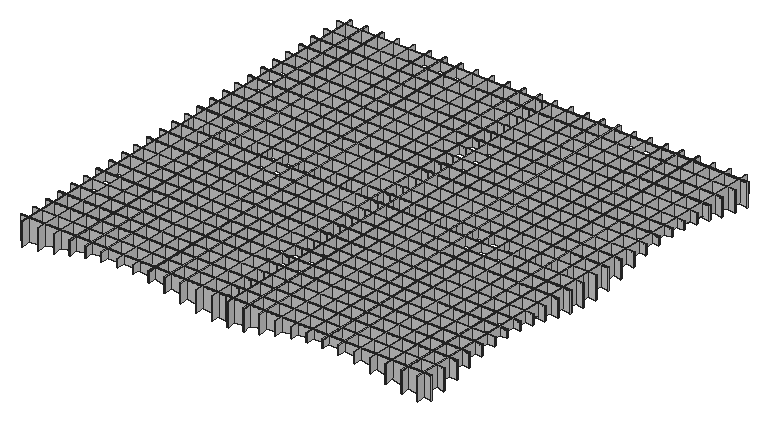
Revit family "CLD-WFL-002_RFA", category Modelos genéricos, Revit 2022 (continued)
Forms (in)
  Extrusion 105, solid
    sketch origin (20.40967, 108, 0) x (0, -1, 0) y (0, 0, 1)
      loop
        spline (3.90978, 3.20744) -> (4.64427, 3.31686) -> (5.37851, 3.42317) -> (6.11243, 3.52634) -> (6.84596, 3.62635) -> (7.57903, 3.72316) -> (8.31156, 3.81675) -> (9.04347, 3.90709) -> (9.77469, 3.99415) -> (10.50515, 4.07789) -> (11.23478, 4.1583) -> (11.96349, 4.23534) -> (12.69122, 4.30898)
        spline (12.69122, 4.30898) -> (13.34952, 4.37039) -> (14.00673, 4.4286) -> (14.66285, 4.48364) -> (15.31792, 4.53559) -> (15.97202, 4.58455) -> (16.62518, 4.63059) -> (17.27747, 4.67381) -> (17.92894, 4.71429) -> (18.57965, 4.75212) -> (19.22966, 4.78738) -> (19.87902, 4.82016) -> (20.52778, 4.85054)
        spline (20.52778, 4.85054) -> (21.26115, 4.88062) -> (21.99402, 4.90823) -> (22.72646, 4.93347) -> (23.45851, 4.95644) -> (24.19026, 4.97724) -> (24.92176, 4.99598) -> (25.65309, 5.01275) -> (26.38429, 5.02764) -> (27.11545, 5.04077) -> (27.84661, 5.05223) -> (28.57785, 5.06211) -> (29.30922, 5.07053)
        spline (29.30922, 5.07053) -> (29.95995, 5.07584) -> (30.61094, 5.08009) -> (31.26223, 5.08336) -> (31.91387, 5.08574) -> (32.56591, 5.08733) -> (33.21841, 5.0882) -> (33.87141, 5.08846) -> (34.52497, 5.08817) -> (35.17914, 5.08744) -> (35.83396, 5.08636) -> (36.48949, 5.085) -> (37.14578, 5.08346)
        spline (37.14578, 5.08346) -> (37.87194, 5.08165) -> (38.59907, 5.0799) -> (39.32723, 5.0783) -> (40.05647, 5.07696) -> (40.78684, 5.07594) -> (41.51831, 5.07527) -> (42.25083, 5.07491) -> (42.98434, 5.07483) -> (43.7188, 5.075) -> (44.45413, 5.07538) -> (45.19029, 5.07596) -> (45.92722, 5.0767)
        spline (45.92722, 5.0767) -> (46.57816, 5.07753) -> (47.22964, 5.07843) -> (47.88162, 5.07937) -> (48.53404, 5.08033) -> (49.18687, 5.08128) -> (49.84004, 5.0822) -> (50.49352, 5.08306) -> (51.14725, 5.08383) -> (51.80119, 5.0845) -> (52.45529, 5.08503) -> (53.1095, 5.0854) -> (53.76378, 5.08558)
        spline (53.76378, 5.08558) -> (54.49695, 5.08542) -> (55.23004, 5.08505) -> (55.96301, 5.0845) -> (56.6958, 5.0838) -> (57.42835, 5.08298) -> (58.16062, 5.08206) -> (58.89255, 5.08107) -> (59.62408, 5.08005) -> (60.35517, 5.07902) -> (61.08576, 5.07801) -> (61.81579, 5.07705) -> (62.54522, 5.07616)
        spline (62.54522, 5.07616) -> (63.20286, 5.07551) -> (63.85981, 5.075) -> (64.51602, 5.07466) -> (65.17144, 5.07452) -> (65.82603, 5.0746) -> (66.47973, 5.07493) -> (67.1325, 5.07554) -> (67.78428, 5.07645) -> (68.43505, 5.07766) -> (69.08486, 5.07909) -> (69.73376, 5.08066) -> (70.38178, 5.08229)
        spline (70.38178, 5.08229) -> (71.1172, 5.08386) -> (71.85177, 5.08523) -> (72.58555, 5.08629) -> (73.31859, 5.08695) -> (74.05095, 5.08712) -> (74.78269, 5.08668) -> (75.51386, 5.08555) -> (76.24453, 5.08362) -> (76.97474, 5.08079) -> (77.70455, 5.07697) -> (78.43403, 5.07206) -> (79.16322, 5.06596)
        spline (79.16322, 5.06596) -> (79.81589, 5.05858) -> (80.46845, 5.04989) -> (81.12094, 5.0398) -> (81.77342, 5.02821) -> (82.42595, 5.01505) -> (83.07858, 5.00022) -> (83.73137, 4.98363) -> (84.38439, 4.9652) -> (85.03768, 4.94483) -> (85.6913, 4.92244) -> (86.34531, 4.89793) -> (86.99978, 4.87123)
        spline (86.99978, 4.87123) -> (87.72677, 4.83707) -> (88.45442, 4.80022) -> (89.18281, 4.7606) -> (89.91198, 4.7181) -> (90.642, 4.67263) -> (91.37294, 4.62408) -> (92.10486, 4.57237) -> (92.83781, 4.5174) -> (93.57187, 4.45907) -> (94.3071, 4.39728) -> (95.04355, 4.33194) -> (95.78122, 4.26301)
        spline (95.78122, 4.26301) -> (96.43065, 4.19725) -> (97.08095, 4.12847) -> (97.73207, 4.05667) -> (98.38393, 3.9819) -> (99.03648, 3.90417) -> (99.68963, 3.82352) -> (100.34334, 3.73996) -> (100.99753, 3.65352) -> (101.65213, 3.56424) -> (102.30709, 3.47213) -> (102.96233, 3.37722) -> (103.61778, 3.27954)
        spline (103.61778, 3.27954) -> (103.98302, 3.22342) -> (104.34828, 3.16655) -> (104.71355, 3.10893) -> (105.07882, 3.05057) -> (105.44409, 2.99146) -> (105.80934, 2.93162) -> (106.17456, 2.87105) -> (106.53976, 2.80974) -> (106.9049, 2.74771) -> (107.27, 2.68496) -> (107.63504, 2.62148) -> (108, 2.55729)
        line (108, 2.55729) -> (108, 11.82144)
    from -0.11811 to 0
  Extrusion 106, solid
    sketch origin (20.52778, 108, 0) x (0, -1, 0) y (0, 0, 1)
      loop
        line (108, 11.82144) -> (0, 11.82144) -> (0, 2.55729)
        spline (0, 2.55729) -> (0.32561, 2.61504) -> (0.65129, 2.67215) -> (0.97702, 2.72862) -> (1.3028, 2.78445) -> (1.62862, 2.83963) -> (1.95447, 2.89415) -> (2.28035, 2.94802) -> (2.60624, 3.00123) -> (2.93213, 3.05379) -> (3.25803, 3.10567) -> (3.58391, 3.15689) -> (3.90978, 3.20744)
        spline (3.90978, 3.20744) -> (4.64427, 3.31686) -> (5.37851, 3.42317) -> (6.11243, 3.52634) -> (6.84596, 3.62635) -> (7.57903, 3.72316) -> (8.31156, 3.81675) -> (9.04347, 3.90709) -> (9.77469, 3.99415) -> (10.50515, 4.07789) -> (11.23478, 4.1583) -> (11.96349, 4.23534) -> (12.69122, 4.30898)
        spline (12.69122, 4.30898) -> (13.34952, 4.37039) -> (14.00673, 4.4286) -> (14.66285, 4.48364) -> (15.31792, 4.53559) -> (15.97202, 4.58455) -> (16.62518, 4.63059) -> (17.27747, 4.67381) -> (17.92894, 4.71429) -> (18.57965, 4.75212) -> (19.22966, 4.78738) -> (19.87902, 4.82016) -> (20.52778, 4.85054)
        spline (20.52778, 4.85054) -> (21.26115, 4.88062) -> (21.99402, 4.90823) -> (22.72646, 4.93347) -> (23.45851, 4.95644) -> (24.19026, 4.97724) -> (24.92176, 4.99598) -> (25.65309, 5.01275) -> (26.38429, 5.02764) -> (27.11545, 5.04077) -> (27.84661, 5.05223) -> (28.57785, 5.06211) -> (29.30922, 5.07053)
        spline (29.30922, 5.07053) -> (29.95995, 5.07584) -> (30.61094, 5.08009) -> (31.26223, 5.08336) -> (31.91387, 5.08574) -> (32.56591, 5.08733) -> (33.21841, 5.0882) -> (33.87141, 5.08846) -> (34.52497, 5.08817) -> (35.17914, 5.08744) -> (35.83396, 5.08636) -> (36.48949, 5.085) -> (37.14578, 5.08346)
        spline (37.14578, 5.08346) -> (37.87194, 5.08165) -> (38.59907, 5.0799) -> (39.32723, 5.0783) -> (40.05647, 5.07696) -> (40.78684, 5.07594) -> (41.51831, 5.07527) -> (42.25083, 5.07491) -> (42.98434, 5.07483) -> (43.7188, 5.075) -> (44.45413, 5.07538) -> (45.19029, 5.07596) -> (45.92722, 5.0767)
        spline (45.92722, 5.0767) -> (46.57816, 5.07753) -> (47.22964, 5.07843) -> (47.88162, 5.07937) -> (48.53404, 5.08033) -> (49.18687, 5.08128) -> (49.84004, 5.0822) -> (50.49352, 5.08306) -> (51.14725, 5.08383) -> (51.80119, 5.0845) -> (52.45529, 5.08503) -> (53.1095, 5.0854) -> (53.76378, 5.08558)
        spline (53.76378, 5.08558) -> (54.49695, 5.08542) -> (55.23004, 5.08505) -> (55.96301, 5.0845) -> (56.6958, 5.0838) -> (57.42835, 5.08298) -> (58.16062, 5.08206) -> (58.89255, 5.08107) -> (59.62408, 5.08005) -> (60.35517, 5.07902) -> (61.08576, 5.07801) -> (61.81579, 5.07705) -> (62.54522, 5.07616)
        spline (62.54522, 5.07616) -> (63.20286, 5.07551) -> (63.85981, 5.075) -> (64.51602, 5.07466) -> (65.17144, 5.07452) -> (65.82603, 5.0746) -> (66.47973, 5.07493) -> (67.1325, 5.07554) -> (67.78428, 5.07645) -> (68.43505, 5.07766) -> (69.08486, 5.07909) -> (69.73376, 5.08066) -> (70.38178, 5.08229)
        spline (70.38178, 5.08229) -> (71.1172, 5.08386) -> (71.85177, 5.08523) -> (72.58555, 5.08629) -> (73.31859, 5.08695) -> (74.05095, 5.08712) -> (74.78269, 5.08668) -> (75.51386, 5.08555) -> (76.24453, 5.08362) -> (76.97474, 5.08079) -> (77.70455, 5.07697) -> (78.43403, 5.07206) -> (79.16322, 5.06596)
        spline (79.16322, 5.06596) -> (79.81589, 5.05858) -> (80.46845, 5.04989) -> (81.12094, 5.0398) -> (81.77342, 5.02821) -> (82.42595, 5.01505) -> (83.07858, 5.00022) -> (83.73137, 4.98363) -> (84.38439, 4.9652) -> (85.03768, 4.94483) -> (85.6913, 4.92244) -> (86.34531, 4.89793) -> (86.99978, 4.87123)
        spline (86.99978, 4.87123) -> (87.72677, 4.83707) -> (88.45442, 4.80022) -> (89.18281, 4.7606) -> (89.91198, 4.7181) -> (90.642, 4.67263) -> (91.37294, 4.62408) -> (92.10486, 4.57237) -> (92.83781, 4.5174) -> (93.57187, 4.45907) -> (94.3071, 4.39728) -> (95.04355, 4.33194) -> (95.78122, 4.26301)
        spline (95.78122, 4.26301) -> (96.43065, 4.19725) -> (97.08095, 4.12847) -> (97.73207, 4.05667) -> (98.38393, 3.9819) -> (99.03648, 3.90417) -> (99.68963, 3.82352) -> (100.34334, 3.73996) -> (100.99753, 3.65352) -> (101.65213, 3.56424) -> (102.30709, 3.47213) -> (102.96233, 3.37722) -> (103.61778, 3.27954)
        spline (103.61778, 3.27954) -> (103.98302, 3.22342) -> (104.34828, 3.16655) -> (104.71355, 3.10893) -> (105.07882, 3.05057) -> (105.44409, 2.99146) -> (105.80934, 2.93162) -> (106.17456, 2.87105) -> (106.53976, 2.80974) -> (106.9049, 2.74771) -> (107.27, 2.68496) -> (107.63504, 2.62148) -> (108, 2.55729)
        line (108, 2.55729) -> (108, 11.82144)
    from -0.47244 to 0
  Extrusion 107, solid
    sketch origin (28.71867, 108, 0) x (0, -1, 0) y (0, 0, 1)
      loop
        line (108, 11.82144) -> (0, 11.82144) -> (0, 4.58891)
        spline (0, 4.58891) -> (0.32561, 4.62796) -> (0.65129, 4.66617) -> (0.97702, 4.70353) -> (1.3028, 4.74004) -> (1.62862, 4.77569) -> (1.95447, 4.81048) -> (2.28035, 4.84439) -> (2.60624, 4.87743) -> (2.93213, 4.90957) -> (3.25803, 4.94083) -> (3.58391, 4.97119) -> (3.90978, 5.00064)
        spline (3.90978, 5.00064) -> (4.64427, 5.06081) -> (5.37851, 5.11675) -> (6.11244, 5.16838) -> (6.84597, 5.21566) -> (7.57904, 5.25851) -> (8.31157, 5.29688) -> (9.04348, 5.33072) -> (9.7747, 5.35995) -> (10.50516, 5.38452) -> (11.23478, 5.40437) -> (11.96349, 5.41944) -> (12.69122, 5.42966)
        spline (12.69122, 5.42966) -> (13.34952, 5.43128) -> (14.00673, 5.42829) -> (14.66285, 5.42076) -> (15.31792, 5.40886) -> (15.97202, 5.39278) -> (16.62518, 5.37269) -> (17.27747, 5.34877) -> (17.92894, 5.32119) -> (18.57965, 5.29014) -> (19.22966, 5.2558) -> (19.87902, 5.21833) -> (20.52778, 5.17793)
        spline (20.52778, 5.17793) -> (21.26115, 5.12722) -> (21.99402, 5.0737) -> (22.72645, 5.01759) -> (23.45851, 4.95908) -> (24.19025, 4.89838) -> (24.92176, 4.8357) -> (25.65308, 4.77124) -> (26.38429, 4.70521) -> (27.11544, 4.63782) -> (27.84661, 4.56926) -> (28.57785, 4.49975) -> (29.30922, 4.42949)
        spline (29.30922, 4.42949) -> (29.95995, 4.366) -> (30.61094, 4.30234) -> (31.26223, 4.2387) -> (31.91387, 4.17525) -> (32.56591, 4.11218) -> (33.21841, 4.04966) -> (33.87141, 3.98789) -> (34.52497, 3.92703) -> (35.17914, 3.86728) -> (35.83396, 3.80881) -> (36.48949, 3.75181) -> (37.14578, 3.69645)
        spline (37.14578, 3.69645) -> (37.87194, 3.63892) -> (38.59907, 3.58371) -> (39.32723, 3.53102) -> (40.05647, 3.48105) -> (40.78684, 3.43397) -> (41.51831, 3.38979) -> (42.25083, 3.34845) -> (42.98434, 3.30989) -> (43.7188, 3.27405) -> (44.45413, 3.24086) -> (45.19029, 3.21027) -> (45.92722, 3.18221)
        spline (45.92722, 3.18221) -> (46.57816, 3.16116) -> (47.22964, 3.14217) -> (47.88162, 3.12519) -> (48.53404, 3.11017) -> (49.18687, 3.09705) -> (49.84004, 3.08579) -> (50.49352, 3.07632) -> (51.14725, 3.06859) -> (51.80119, 3.06255) -> (52.45529, 3.05816) -> (53.1095, 3.05535) -> (53.76378, 3.05407)
        spline (53.76378, 3.05407) -> (54.49695, 3.0556) -> (55.23004, 3.05885) -> (55.96301, 3.06387) -> (56.6958, 3.07073) -> (57.42836, 3.07948) -> (58.16062, 3.09019) -> (58.89255, 3.10292) -> (59.62409, 3.11771) -> (60.35517, 3.13464) -> (61.08576, 3.15376) -> (61.81579, 3.17514) -> (62.54522, 3.19882)
        spline (62.54522, 3.19882) -> (63.20286, 3.22386) -> (63.85981, 3.25117) -> (64.51602, 3.28078) -> (65.17144, 3.31277) -> (65.82603, 3.34719) -> (66.47973, 3.38408) -> (67.1325, 3.42351) -> (67.78428, 3.46553) -> (68.43505, 3.51013) -> (69.08486, 3.55715) -> (69.73376, 3.60642) -> (70.38178, 3.65777)
        spline (70.38178, 3.65777) -> (71.1172, 3.71948) -> (71.85176, 3.78304) -> (72.58554, 3.84824) -> (73.31858, 3.91488) -> (74.05094, 3.98275) -> (74.78268, 4.05166) -> (75.51385, 4.12139) -> (76.24452, 4.19176) -> (76.97473, 4.26254) -> (77.70455, 4.33354) -> (78.43403, 4.40456) -> (79.16322, 4.47539)
        spline (79.16322, 4.47539) -> (79.80403, 4.53723) -> (80.44473, 4.59841) -> (81.08536, 4.65876) -> (81.72599, 4.7181) -> (82.36666, 4.77623) -> (83.00743, 4.83299) -> (83.64836, 4.88819) -> (84.28951, 4.94166) -> (84.93093, 4.9932) -> (85.57267, 5.04265) -> (86.21481, 5.08982) -> (86.85738, 5.13453)
        spline (86.85738, 5.13453) -> (87.59614, 5.18092) -> (88.33559, 5.22395) -> (89.07577, 5.26344) -> (89.81676, 5.29917) -> (90.55862, 5.33094) -> (91.30141, 5.35856) -> (92.04519, 5.38181) -> (92.79004, 5.4005) -> (93.53601, 5.41442) -> (94.28316, 5.42338) -> (95.03157, 5.42716) -> (95.78122, 5.4257)
        spline (95.78122, 5.4257) -> (96.43065, 5.41648) -> (97.08095, 5.40294) -> (97.73207, 5.38513) -> (98.38393, 5.36311) -> (99.03648, 5.33693) -> (99.68963, 5.30665) -> (100.34334, 5.27231) -> (100.99753, 5.23398) -> (101.65213, 5.19169) -> (102.30709, 5.14552) -> (102.96233, 5.09551) -> (103.61778, 5.04172)
        spline (103.61778, 5.04172) -> (103.98301, 5.00943) -> (104.34827, 4.97613) -> (104.71354, 4.94182) -> (105.07881, 4.90651) -> (105.44407, 4.8702) -> (105.80932, 4.83291) -> (106.17455, 4.79465) -> (106.53974, 4.75541) -> (106.90489, 4.71521) -> (107.26999, 4.67406) -> (107.63503, 4.63196) -> (108, 4.58891)
        line (108, 4.58891) -> (108, 11.82144)
    from -0.11811 to 0
  Extrusion 108, solid
    sketch origin (28.83678, 108, 0) x (0, -1, 0) y (0, 0, 1)
      loop
        line (108, 11.82144) -> (0, 11.82144) -> (0, 4.58891)
        spline (0, 4.58891) -> (0.32561, 4.62796) -> (0.65129, 4.66617) -> (0.97702, 4.70353) -> (1.3028, 4.74004) -> (1.62862, 4.77569) -> (1.95447, 4.81048) -> (2.28035, 4.84439) -> (2.60624, 4.87743) -> (2.93213, 4.90957) -> (3.25803, 4.94083) -> (3.58391, 4.97119) -> (3.90978, 5.00064)
        spline (3.90978, 5.00064) -> (4.64427, 5.06081) -> (5.37851, 5.11675) -> (6.11244, 5.16838) -> (6.84597, 5.21566) -> (7.57904, 5.25851) -> (8.31157, 5.29688) -> (9.04348, 5.33072) -> (9.7747, 5.35995) -> (10.50516, 5.38452) -> (11.23478, 5.40437) -> (11.96349, 5.41944) -> (12.69122, 5.42966)
        spline (12.69122, 5.42966) -> (13.34952, 5.43128) -> (14.00673, 5.42829) -> (14.66285, 5.42076) -> (15.31792, 5.40886) -> (15.97202, 5.39278) -> (16.62518, 5.37269) -> (17.27747, 5.34877) -> (17.92894, 5.32119) -> (18.57965, 5.29014) -> (19.22966, 5.2558) -> (19.87902, 5.21833) -> (20.52778, 5.17793)
        spline (20.52778, 5.17793) -> (21.26115, 5.12722) -> (21.99402, 5.0737) -> (22.72645, 5.01759) -> (23.45851, 4.95908) -> (24.19025, 4.89838) -> (24.92176, 4.8357) -> (25.65308, 4.77124) -> (26.38429, 4.70521) -> (27.11544, 4.63782) -> (27.84661, 4.56926) -> (28.57785, 4.49975) -> (29.30922, 4.42949)
        spline (29.30922, 4.42949) -> (29.95995, 4.366) -> (30.61094, 4.30234) -> (31.26223, 4.2387) -> (31.91387, 4.17525) -> (32.56591, 4.11218) -> (33.21841, 4.04966) -> (33.87141, 3.98789) -> (34.52497, 3.92703) -> (35.17914, 3.86728) -> (35.83396, 3.80881) -> (36.48949, 3.75181) -> (37.14578, 3.69645)
        spline (37.14578, 3.69645) -> (37.87194, 3.63892) -> (38.59907, 3.58371) -> (39.32723, 3.53102) -> (40.05647, 3.48105) -> (40.78684, 3.43397) -> (41.51831, 3.38979) -> (42.25083, 3.34845) -> (42.98434, 3.30989) -> (43.7188, 3.27405) -> (44.45413, 3.24086) -> (45.19029, 3.21027) -> (45.92722, 3.18221)
        spline (45.92722, 3.18221) -> (46.57816, 3.16116) -> (47.22964, 3.14217) -> (47.88162, 3.12519) -> (48.53404, 3.11017) -> (49.18687, 3.09705) -> (49.84004, 3.08579) -> (50.49352, 3.07632) -> (51.14725, 3.06859) -> (51.80119, 3.06255) -> (52.45529, 3.05816) -> (53.1095, 3.05535) -> (53.76378, 3.05407)
        spline (53.76378, 3.05407) -> (54.49695, 3.0556) -> (55.23004, 3.05885) -> (55.96301, 3.06387) -> (56.6958, 3.07073) -> (57.42836, 3.07948) -> (58.16062, 3.09019) -> (58.89255, 3.10292) -> (59.62409, 3.11771) -> (60.35517, 3.13464) -> (61.08576, 3.15376) -> (61.81579, 3.17514) -> (62.54522, 3.19882)
        spline (62.54522, 3.19882) -> (63.20286, 3.22386) -> (63.85981, 3.25117) -> (64.51602, 3.28078) -> (65.17144, 3.31277) -> (65.82603, 3.34719) -> (66.47973, 3.38408) -> (67.1325, 3.42351) -> (67.78428, 3.46553) -> (68.43505, 3.51013) -> (69.08486, 3.55715) -> (69.73376, 3.60642) -> (70.38178, 3.65777)
        spline (70.38178, 3.65777) -> (71.1172, 3.71948) -> (71.85176, 3.78304) -> (72.58554, 3.84824) -> (73.31858, 3.91488) -> (74.05094, 3.98275) -> (74.78268, 4.05166) -> (75.51385, 4.12139) -> (76.24452, 4.19176) -> (76.97473, 4.26254) -> (77.70455, 4.33354) -> (78.43403, 4.40456) -> (79.16322, 4.47539)
        spline (79.16322, 4.47539) -> (79.80403, 4.53723) -> (80.44473, 4.59841) -> (81.08536, 4.65876) -> (81.72599, 4.7181) -> (82.36666, 4.77623) -> (83.00743, 4.83299) -> (83.64836, 4.88819) -> (84.28951, 4.94166) -> (84.93093, 4.9932) -> (85.57267, 5.04265) -> (86.21481, 5.08982) -> (86.85738, 5.13453)
        spline (86.85738, 5.13453) -> (87.59614, 5.18092) -> (88.33559, 5.22395) -> (89.07577, 5.26344) -> (89.81676, 5.29917) -> (90.55862, 5.33094) -> (91.30141, 5.35856) -> (92.04519, 5.38181) -> (92.79004, 5.4005) -> (93.53601, 5.41442) -> (94.28316, 5.42338) -> (95.03157, 5.42716) -> (95.78122, 5.4257)
        spline (95.78122, 5.4257) -> (96.43065, 5.41648) -> (97.08095, 5.40294) -> (97.73207, 5.38513) -> (98.38393, 5.36311) -> (99.03648, 5.33693) -> (99.68963, 5.30665) -> (100.34334, 5.27231) -> (100.99753, 5.23398) -> (101.65213, 5.19169) -> (102.30709, 5.14552) -> (102.96233, 5.09551) -> (103.61778, 5.04172)
        spline (103.61778, 5.04172) -> (103.98301, 5.00943) -> (104.34827, 4.97613) -> (104.71354, 4.94182) -> (105.07881, 4.90651) -> (105.44407, 4.8702) -> (105.80932, 4.83291) -> (106.17455, 4.79465) -> (106.53974, 4.75541) -> (106.90489, 4.71521) -> (107.26999, 4.67406) -> (107.63503, 4.63196) -> (108, 4.58891)
        line (108, 4.58891) -> (108, 11.82144)
    from -0.47244 to 0
  Extrusion 109, solid
    sketch origin (37.02767, 108, 0) x (0, -1, 0) y (0, 0, 1)
      loop
        line (108, 11.82144) -> (0, 11.82144) -> (0, 6.40455)
        spline (0, 6.40455) -> (0.32561, 6.42139) -> (0.65129, 6.43729) -> (0.97702, 6.45226) -> (1.3028, 6.46628) -> (1.62862, 6.47935) -> (1.95447, 6.49146) -> (2.28035, 6.50259) -> (2.60624, 6.51274) -> (2.93213, 6.52189) -> (3.25803, 6.53005) -> (3.58391, 6.5372) -> (3.90978, 6.54334)
        spline (3.90978, 6.54334) -> (4.64427, 6.55011) -> (5.37852, 6.55208) -> (6.11244, 6.54917) -> (6.84598, 6.5413) -> (7.57905, 6.52839) -> (8.31157, 6.51035) -> (9.04349, 6.4871) -> (9.77471, 6.45856) -> (10.50517, 6.42465) -> (11.23479, 6.38528) -> (11.9635, 6.34038) -> (12.69122, 6.28985)
        spline (12.69122, 6.28985) -> (13.34952, 6.23514) -> (14.00673, 6.17505) -> (14.66285, 6.10968) -> (15.31792, 6.03926) -> (15.97202, 5.96405) -> (16.62518, 5.88427) -> (17.27747, 5.80017) -> (17.92894, 5.712) -> (18.57965, 5.62) -> (19.22966, 5.52441) -> (19.87902, 5.42547) -> (20.52778, 5.32343)
        spline (20.52778, 5.32343) -> (21.26115, 5.20293) -> (21.99402, 5.07965) -> (22.72645, 4.95385) -> (23.4585, 4.82583) -> (24.19025, 4.69586) -> (24.92176, 4.56423) -> (25.65308, 4.43121) -> (26.38429, 4.29709) -> (27.11544, 4.16214) -> (27.84661, 4.02665) -> (28.57785, 3.8909) -> (29.30922, 3.75516)
        spline (29.30922, 3.75516) -> (29.95995, 3.63466) -> (30.61094, 3.51485) -> (31.26223, 3.39599) -> (31.91387, 3.2783) -> (32.56591, 3.16206) -> (33.21841, 3.04749) -> (33.87141, 2.93486) -> (34.52497, 2.8244) -> (35.17914, 2.71637) -> (35.83396, 2.61101) -> (36.48949, 2.50857) -> (37.14578, 2.4093)
        spline (37.14578, 2.4093) -> (37.87194, 2.30632) -> (38.59907, 2.20751) -> (39.32723, 2.11315) -> (40.05647, 2.02349) -> (40.78684, 1.93878) -> (41.51831, 1.85902) -> (42.25083, 1.78415) -> (42.98434, 1.71406) -> (43.71879, 1.64869) -> (44.45413, 1.58794) -> (45.19029, 1.53174) -> (45.92722, 1.47999)
        spline (45.92722, 1.47999) -> (46.57816, 1.44092) -> (47.22964, 1.40553) -> (47.88162, 1.37376) -> (48.53404, 1.34552) -> (49.18687, 1.32076) -> (49.84004, 1.2994) -> (50.49352, 1.28136) -> (51.14725, 1.26658) -> (51.80119, 1.25497) -> (52.45529, 1.24648) -> (53.1095, 1.24101) -> (53.76378, 1.23852)
        spline (53.76378, 1.23852) -> (54.49695, 1.24145) -> (55.23005, 1.2477) -> (55.96302, 1.25736) -> (56.69581, 1.2705) -> (57.42836, 1.2872) -> (58.16063, 1.30755) -> (58.89256, 1.33163) -> (59.62409, 1.35951) -> (60.35518, 1.39128) -> (61.08577, 1.42702) -> (61.8158, 1.46681) -> (62.54522, 1.51073)
        spline (62.54522, 1.51073) -> (63.20286, 1.5569) -> (63.85981, 1.60706) -> (64.51602, 1.66127) -> (65.17144, 1.7196) -> (65.82603, 1.78214) -> (66.47973, 1.84896) -> (67.1325, 1.92013) -> (67.78428, 1.99572) -> (68.43505, 2.07573) -> (69.08486, 2.15994) -> (69.73376, 2.24811) -> (70.38178, 2.34001)
        spline (70.38178, 2.34001) -> (71.11719, 2.45082) -> (71.85175, 2.56518) -> (72.58552, 2.6828) -> (73.31856, 2.80343) -> (74.05092, 2.92677) -> (74.78266, 3.05256) -> (75.51384, 3.1805) -> (76.2445, 3.31033) -> (76.97472, 3.44177) -> (77.70454, 3.57454) -> (78.43402, 3.70836) -> (79.16322, 3.84296)
        spline (79.16322, 3.84296) -> (79.81589, 3.96449) -> (80.46845, 4.08604) -> (81.12094, 4.20735) -> (81.77342, 4.32817) -> (82.42595, 4.44826) -> (83.07858, 4.56736) -> (83.73137, 4.68523) -> (84.38439, 4.80161) -> (85.03768, 4.91625) -> (85.6913, 5.02891) -> (86.34531, 5.13933) -> (86.99978, 5.24726)
        spline (86.99978, 5.24726) -> (87.72678, 5.36123) -> (88.45444, 5.47173) -> (89.18283, 5.57848) -> (89.91201, 5.68121) -> (90.64203, 5.77964) -> (91.37298, 5.87351) -> (92.10489, 5.96254) -> (92.83785, 6.04646) -> (93.5719, 6.125) -> (94.30712, 6.19789) -> (95.04356, 6.26486) -> (95.78122, 6.32579)
        spline (95.78122, 6.32579) -> (96.46987, 6.37175) -> (97.15943, 6.41238) -> (97.84985, 6.44778) -> (98.54104, 6.47801) -> (99.23294, 6.50316) -> (99.92548, 6.5233) -> (100.61859, 6.53851) -> (101.3122, 6.54886) -> (102.00624, 6.55445) -> (102.70063, 6.55534) -> (103.39532, 6.55161) -> (104.09022, 6.54334)
        spline (104.09022, 6.54334) -> (104.41609, 6.5372) -> (104.74197, 6.53005) -> (105.06787, 6.52189) -> (105.39376, 6.51274) -> (105.71965, 6.50259) -> (106.04553, 6.49146) -> (106.37138, 6.47935) -> (106.6972, 6.46628) -> (107.02298, 6.45226) -> (107.34871, 6.43729) -> (107.67439, 6.42139) -> (108, 6.40455)
        line (108, 6.40455) -> (108, 11.82144)
    from -0.11811 to 0
  Extrusion 110, solid
    sketch origin (37.14578, 108, 0) x (0, -1, 0) y (0, 0, 1)
      loop
        line (108, 11.82144) -> (0, 11.82144) -> (0, 6.40455)
        spline (0, 6.40455) -> (0.32561, 6.42139) -> (0.65129, 6.43729) -> (0.97702, 6.45226) -> (1.3028, 6.46628) -> (1.62862, 6.47935) -> (1.95447, 6.49146) -> (2.28035, 6.50259) -> (2.60624, 6.51274) -> (2.93213, 6.52189) -> (3.25803, 6.53005) -> (3.58391, 6.5372) -> (3.90978, 6.54334)
        spline (3.90978, 6.54334) -> (4.64427, 6.55011) -> (5.37852, 6.55208) -> (6.11244, 6.54917) -> (6.84598, 6.5413) -> (7.57905, 6.52839) -> (8.31157, 6.51035) -> (9.04349, 6.4871) -> (9.77471, 6.45856) -> (10.50517, 6.42465) -> (11.23479, 6.38528) -> (11.9635, 6.34038) -> (12.69122, 6.28985)
        spline (12.69122, 6.28985) -> (13.34952, 6.23514) -> (14.00673, 6.17505) -> (14.66285, 6.10968) -> (15.31792, 6.03926) -> (15.97202, 5.96405) -> (16.62518, 5.88427) -> (17.27747, 5.80017) -> (17.92894, 5.712) -> (18.57965, 5.62) -> (19.22966, 5.52441) -> (19.87902, 5.42547) -> (20.52778, 5.32343)
        spline (20.52778, 5.32343) -> (21.26115, 5.20293) -> (21.99402, 5.07965) -> (22.72645, 4.95385) -> (23.4585, 4.82583) -> (24.19025, 4.69586) -> (24.92176, 4.56423) -> (25.65308, 4.43121) -> (26.38429, 4.29709) -> (27.11544, 4.16214) -> (27.84661, 4.02665) -> (28.57785, 3.8909) -> (29.30922, 3.75516)
        spline (29.30922, 3.75516) -> (29.95995, 3.63466) -> (30.61094, 3.51485) -> (31.26223, 3.39599) -> (31.91387, 3.2783) -> (32.56591, 3.16206) -> (33.21841, 3.04749) -> (33.87141, 2.93486) -> (34.52497, 2.8244) -> (35.17914, 2.71637) -> (35.83396, 2.61101) -> (36.48949, 2.50857) -> (37.14578, 2.4093)
        spline (37.14578, 2.4093) -> (37.87194, 2.30632) -> (38.59907, 2.20751) -> (39.32723, 2.11315) -> (40.05647, 2.02349) -> (40.78684, 1.93878) -> (41.51831, 1.85902) -> (42.25083, 1.78415) -> (42.98434, 1.71406) -> (43.71879, 1.64869) -> (44.45413, 1.58794) -> (45.19029, 1.53174) -> (45.92722, 1.47999)
        spline (45.92722, 1.47999) -> (46.57816, 1.44092) -> (47.22964, 1.40553) -> (47.88162, 1.37376) -> (48.53404, 1.34552) -> (49.18687, 1.32076) -> (49.84004, 1.2994) -> (50.49352, 1.28136) -> (51.14725, 1.26658) -> (51.80119, 1.25497) -> (52.45529, 1.24648) -> (53.1095, 1.24101) -> (53.76378, 1.23852)
        spline (53.76378, 1.23852) -> (54.49695, 1.24145) -> (55.23005, 1.2477) -> (55.96302, 1.25736) -> (56.69581, 1.2705) -> (57.42836, 1.2872) -> (58.16063, 1.30755) -> (58.89256, 1.33163) -> (59.62409, 1.35951) -> (60.35518, 1.39128) -> (61.08577, 1.42702) -> (61.8158, 1.46681) -> (62.54522, 1.51073)
        spline (62.54522, 1.51073) -> (63.20286, 1.5569) -> (63.85981, 1.60706) -> (64.51602, 1.66127) -> (65.17144, 1.7196) -> (65.82603, 1.78214) -> (66.47973, 1.84896) -> (67.1325, 1.92013) -> (67.78428, 1.99572) -> (68.43505, 2.07573) -> (69.08486, 2.15994) -> (69.73376, 2.24811) -> (70.38178, 2.34001)
        spline (70.38178, 2.34001) -> (71.11719, 2.45082) -> (71.85175, 2.56518) -> (72.58552, 2.6828) -> (73.31856, 2.80343) -> (74.05092, 2.92677) -> (74.78266, 3.05256) -> (75.51384, 3.1805) -> (76.2445, 3.31033) -> (76.97472, 3.44177) -> (77.70454, 3.57454) -> (78.43402, 3.70836) -> (79.16322, 3.84296)
        spline (79.16322, 3.84296) -> (79.81589, 3.96449) -> (80.46845, 4.08604) -> (81.12094, 4.20735) -> (81.77342, 4.32817) -> (82.42595, 4.44826) -> (83.07858, 4.56736) -> (83.73137, 4.68523) -> (84.38439, 4.80161) -> (85.03768, 4.91625) -> (85.6913, 5.02891) -> (86.34531, 5.13933) -> (86.99978, 5.24726)
        spline (86.99978, 5.24726) -> (87.72678, 5.36123) -> (88.45444, 5.47173) -> (89.18283, 5.57848) -> (89.91201, 5.68121) -> (90.64203, 5.77964) -> (91.37298, 5.87351) -> (92.10489, 5.96254) -> (92.83785, 6.04646) -> (93.5719, 6.125) -> (94.30712, 6.19789) -> (95.04356, 6.26486) -> (95.78122, 6.32579)
        spline (95.78122, 6.32579) -> (96.46987, 6.37175) -> (97.15943, 6.41238) -> (97.84985, 6.44778) -> (98.54104, 6.47801) -> (99.23294, 6.50316) -> (99.92548, 6.5233) -> (100.61859, 6.53851) -> (101.3122, 6.54886) -> (102.00624, 6.55445) -> (102.70063, 6.55534) -> (103.39532, 6.55161) -> (104.09022, 6.54334)
        spline (104.09022, 6.54334) -> (104.41609, 6.5372) -> (104.74197, 6.53005) -> (105.06787, 6.52189) -> (105.39376, 6.51274) -> (105.71965, 6.50259) -> (106.04553, 6.49146) -> (106.37138, 6.47935) -> (106.6972, 6.46628) -> (107.02298, 6.45226) -> (107.34871, 6.43729) -> (107.67439, 6.42139) -> (108, 6.40455)
        line (108, 6.40455) -> (108, 11.82144)
    from -0.47244 to 0
  Extrusion 111, solid
    sketch origin (45.33667, 108, 0) x (0, -1, 0) y (0, 0, 1)
      loop
        line (108, 11.82144) -> (0, 11.82144) -> (0, 7.49745)
        spline (0, 7.49745) -> (0.32561, 7.50061) -> (0.65129, 7.5028) -> (0.97702, 7.504) -> (1.3028, 7.50421) -> (1.62862, 7.5034) -> (1.95447, 7.50158) -> (2.28035, 7.49874) -> (2.60624, 7.49485) -> (2.93213, 7.48991) -> (3.25803, 7.48392) -> (3.58391, 7.47685) -> (3.90978, 7.46871)
        spline (3.90978, 7.46871) -> (4.64427, 7.44283) -> (5.37852, 7.41184) -> (6.11245, 7.37564) -> (6.84598, 7.33415) -> (7.57905, 7.28726) -> (8.31158, 7.23488) -> (9.04349, 7.17692) -> (9.77471, 7.11327) -> (10.50517, 7.04386) -> (11.23479, 6.96857) -> (11.9635, 6.88732) -> (12.69122, 6.80001)
        spline (12.69122, 6.80001) -> (13.34456, 6.71191) -> (13.99682, 6.61804) -> (14.64799, 6.5185) -> (15.29813, 6.41358) -> (15.94729, 6.30354) -> (16.59553, 6.18867) -> (17.2429, 6.06925) -> (17.88946, 5.94556) -> (18.53527, 5.81787) -> (19.18038, 5.68647) -> (19.82484, 5.55162) -> (20.46871, 5.41362)
        spline (20.46871, 5.41362) -> (21.20701, 5.25043) -> (21.94481, 5.08446) -> (22.68216, 4.91603) -> (23.41914, 4.74548) -> (24.15581, 4.57314) -> (24.89224, 4.39932) -> (25.62848, 4.22436) -> (26.36461, 4.04857) -> (27.10068, 3.8723) -> (27.83677, 3.69586) -> (28.57293, 3.51959) -> (29.30922, 3.3438)
        spline (29.30922, 3.3438) -> (29.95995, 3.18922) -> (30.61094, 3.03586) -> (31.26223, 2.884) -> (31.91387, 2.73392) -> (32.56591, 2.58591) -> (33.21841, 2.44027) -> (33.87141, 2.29726) -> (34.52497, 2.15719) -> (35.17914, 2.02034) -> (35.83396, 1.88699) -> (36.48949, 1.75744) -> (37.14578, 1.63196)
        spline (37.14578, 1.63196) -> (37.87194, 1.50186) -> (38.59907, 1.37703) -> (39.32723, 1.25779) -> (40.05647, 1.14445) -> (40.78684, 1.03728) -> (41.51831, 0.93629) -> (42.25083, 0.84139) -> (42.98434, 0.75249) -> (43.71879, 0.66948) -> (44.45413, 0.59228) -> (45.19029, 0.52078) -> (45.92722, 0.45488)
        spline (45.92722, 0.45488) -> (46.57816, 0.40504) -> (47.22964, 0.35985) -> (47.88162, 0.31924) -> (48.53404, 0.28312) -> (49.18687, 0.2514) -> (49.84004, 0.224) -> (50.49352, 0.20084) -> (51.14725, 0.18183) -> (51.80119, 0.1669) -> (52.45529, 0.15595) -> (53.1095, 0.14891) -> (53.76378, 0.14568)
        spline (53.76378, 0.14568) -> (54.49695, 0.14945) -> (55.23005, 0.1575) -> (55.96302, 0.16993) -> (56.69581, 0.18682) -> (57.42837, 0.20828) -> (58.16064, 0.23439) -> (58.89257, 0.26525) -> (59.6241, 0.30095) -> (60.35518, 0.34158) -> (61.08577, 0.38725) -> (61.8158, 0.43804) -> (62.54522, 0.49405)
        spline (62.54522, 0.49405) -> (63.20286, 0.55285) -> (63.85981, 0.61666) -> (64.51602, 0.68555) -> (65.17144, 0.75961) -> (65.82603, 0.83894) -> (66.47973, 0.92362) -> (67.1325, 1.01374) -> (67.78428, 1.10938) -> (68.43505, 1.21052) -> (69.08486, 1.31692) -> (69.73376, 1.42831) -> (70.38178, 1.54441)
        spline (70.38178, 1.54441) -> (71.11719, 1.68452) -> (71.85174, 1.82919) -> (72.58551, 1.97812) -> (73.31855, 2.13097) -> (74.05091, 2.28743) -> (74.78265, 2.44718) -> (75.51383, 2.60988) -> (76.24449, 2.77524) -> (76.97471, 2.94291) -> (77.70453, 3.11258) -> (78.43402, 3.28394) -> (79.16322, 3.45665)
        spline (79.16322, 3.45665) -> (79.81589, 3.61318) -> (80.46845, 3.77015) -> (81.12094, 3.92726) -> (81.77342, 4.08422) -> (82.42595, 4.24075) -> (83.07858, 4.39655) -> (83.73137, 4.55134) -> (84.38439, 4.70482) -> (85.03768, 4.85671) -> (85.6913, 5.00672) -> (86.34531, 5.15455) -> (86.99978, 5.29992)
        spline (86.99978, 5.29992) -> (87.72678, 5.4553) -> (88.45445, 5.60712) -> (89.18284, 5.75506) -> (89.91202, 5.8988) -> (90.64204, 6.03803) -> (91.37299, 6.17243) -> (92.1049, 6.3017) -> (92.83786, 6.42551) -> (93.57191, 6.54354) -> (94.30712, 6.6555) -> (95.04356, 6.76106) -> (95.78122, 6.8601)
        spline (95.78122, 6.8601) -> (96.43065, 6.93786) -> (97.08095, 7.01021) -> (97.73207, 7.07724) -> (98.38393, 7.13903) -> (99.03648, 7.19567) -> (99.68963, 7.24723) -> (100.34334, 7.29382) -> (100.99753, 7.33551) -> (101.65213, 7.37238) -> (102.30709, 7.40452) -> (102.96233, 7.43202) -> (103.61778, 7.45496)
        spline (103.61778, 7.45496) -> (103.98301, 7.46494) -> (104.34826, 7.47372) -> (104.71353, 7.4813) -> (105.0788, 7.48768) -> (105.44406, 7.4929) -> (105.80931, 7.49695) -> (106.17454, 7.49984) -> (106.53973, 7.5016) -> (106.90488, 7.50223) -> (107.26998, 7.50173) -> (107.63503, 7.50014) -> (108, 7.49745)
        line (108, 7.49745) -> (108, 11.82144)
    from -0.11811 to 0
  Extrusion 112, solid
    sketch origin (45.45478, 108, 0) x (0, -1, 0) y (0, 0, 1)
      loop
        line (108, 11.82144) -> (0, 11.82144) -> (0, 7.49745)
        spline (0, 7.49745) -> (0.32561, 7.50061) -> (0.65129, 7.5028) -> (0.97702, 7.504) -> (1.3028, 7.50421) -> (1.62862, 7.5034) -> (1.95447, 7.50158) -> (2.28035, 7.49874) -> (2.60624, 7.49485) -> (2.93213, 7.48991) -> (3.25803, 7.48392) -> (3.58391, 7.47685) -> (3.90978, 7.46871)
        spline (3.90978, 7.46871) -> (4.64427, 7.44283) -> (5.37852, 7.41184) -> (6.11245, 7.37564) -> (6.84598, 7.33415) -> (7.57905, 7.28726) -> (8.31158, 7.23488) -> (9.04349, 7.17692) -> (9.77471, 7.11327) -> (10.50517, 7.04386) -> (11.23479, 6.96857) -> (11.9635, 6.88732) -> (12.69122, 6.80001)
        spline (12.69122, 6.80001) -> (13.34456, 6.71191) -> (13.99682, 6.61804) -> (14.64799, 6.5185) -> (15.29813, 6.41358) -> (15.94729, 6.30354) -> (16.59553, 6.18867) -> (17.2429, 6.06925) -> (17.88946, 5.94556) -> (18.53527, 5.81787) -> (19.18038, 5.68647) -> (19.82484, 5.55162) -> (20.46871, 5.41362)
        spline (20.46871, 5.41362) -> (21.20701, 5.25043) -> (21.94481, 5.08446) -> (22.68216, 4.91603) -> (23.41914, 4.74548) -> (24.15581, 4.57314) -> (24.89224, 4.39932) -> (25.62848, 4.22436) -> (26.36461, 4.04857) -> (27.10068, 3.8723) -> (27.83677, 3.69586) -> (28.57293, 3.51959) -> (29.30922, 3.3438)
        spline (29.30922, 3.3438) -> (29.95995, 3.18922) -> (30.61094, 3.03586) -> (31.26223, 2.884) -> (31.91387, 2.73392) -> (32.56591, 2.58591) -> (33.21841, 2.44027) -> (33.87141, 2.29726) -> (34.52497, 2.15719) -> (35.17914, 2.02034) -> (35.83396, 1.88699) -> (36.48949, 1.75744) -> (37.14578, 1.63196)
        spline (37.14578, 1.63196) -> (37.87194, 1.50186) -> (38.59907, 1.37703) -> (39.32723, 1.25779) -> (40.05647, 1.14445) -> (40.78684, 1.03728) -> (41.51831, 0.93629) -> (42.25083, 0.84139) -> (42.98434, 0.75249) -> (43.71879, 0.66948) -> (44.45413, 0.59228) -> (45.19029, 0.52078) -> (45.92722, 0.45488)
        spline (45.92722, 0.45488) -> (46.57816, 0.40504) -> (47.22964, 0.35985) -> (47.88162, 0.31924) -> (48.53404, 0.28312) -> (49.18687, 0.2514) -> (49.84004, 0.224) -> (50.49352, 0.20084) -> (51.14725, 0.18183) -> (51.80119, 0.1669) -> (52.45529, 0.15595) -> (53.1095, 0.14891) -> (53.76378, 0.14568)
        spline (53.76378, 0.14568) -> (54.49695, 0.14945) -> (55.23005, 0.1575) -> (55.96302, 0.16993) -> (56.69581, 0.18682) -> (57.42837, 0.20828) -> (58.16064, 0.23439) -> (58.89257, 0.26525) -> (59.6241, 0.30095) -> (60.35518, 0.34158) -> (61.08577, 0.38725) -> (61.8158, 0.43804) -> (62.54522, 0.49405)
        spline (62.54522, 0.49405) -> (63.20286, 0.55285) -> (63.85981, 0.61666) -> (64.51602, 0.68555) -> (65.17144, 0.75961) -> (65.82603, 0.83894) -> (66.47973, 0.92362) -> (67.1325, 1.01374) -> (67.78428, 1.10938) -> (68.43505, 1.21052) -> (69.08486, 1.31692) -> (69.73376, 1.42831) -> (70.38178, 1.54441)
        spline (70.38178, 1.54441) -> (71.11719, 1.68452) -> (71.85174, 1.82919) -> (72.58551, 1.97812) -> (73.31855, 2.13097) -> (74.05091, 2.28743) -> (74.78265, 2.44718) -> (75.51383, 2.60988) -> (76.24449, 2.77524) -> (76.97471, 2.94291) -> (77.70453, 3.11258) -> (78.43402, 3.28394) -> (79.16322, 3.45665)
        spline (79.16322, 3.45665) -> (79.81589, 3.61318) -> (80.46845, 3.77015) -> (81.12094, 3.92726) -> (81.77342, 4.08422) -> (82.42595, 4.24075) -> (83.07858, 4.39655) -> (83.73137, 4.55134) -> (84.38439, 4.70482) -> (85.03768, 4.85671) -> (85.6913, 5.00672) -> (86.34531, 5.15455) -> (86.99978, 5.29992)
        spline (86.99978, 5.29992) -> (87.72678, 5.4553) -> (88.45445, 5.60712) -> (89.18284, 5.75506) -> (89.91202, 5.8988) -> (90.64204, 6.03803) -> (91.37299, 6.17243) -> (92.1049, 6.3017) -> (92.83786, 6.42551) -> (93.57191, 6.54354) -> (94.30712, 6.6555) -> (95.04356, 6.76106) -> (95.78122, 6.8601)
        spline (95.78122, 6.8601) -> (96.43065, 6.93786) -> (97.08095, 7.01021) -> (97.73207, 7.07724) -> (98.38393, 7.13903) -> (99.03648, 7.19567) -> (99.68963, 7.24723) -> (100.34334, 7.29382) -> (100.99753, 7.33551) -> (101.65213, 7.37238) -> (102.30709, 7.40452) -> (102.96233, 7.43202) -> (103.61778, 7.45496)
        spline (103.61778, 7.45496) -> (103.98301, 7.46494) -> (104.34826, 7.47372) -> (104.71353, 7.4813) -> (105.0788, 7.48768) -> (105.44406, 7.4929) -> (105.80931, 7.49695) -> (106.17454, 7.49984) -> (106.53973, 7.5016) -> (106.90488, 7.50223) -> (107.26998, 7.50173) -> (107.63503, 7.50014) -> (108, 7.49745)
        line (108, 7.49745) -> (108, 11.82144)
    from -0.47244 to 0
  Extrusion 113, solid
    sketch origin (53.64567, 108, 0) x (0, -1, 0) y (0, 0, 1)
      loop
        line (108, 11.82144) -> (0, 11.82144) -> (0, 7.82144)
        spline (0, 7.82144) -> (0.32561, 7.82095) -> (0.65129, 7.81946) -> (0.97702, 7.81696) -> (1.3028, 7.81344) -> (1.62862, 7.80889) -> (1.95447, 7.8033) -> (2.28035, 7.79666) -> (2.60624, 7.78896) -> (2.93213, 7.78018) -> (3.25803, 7.77032) -> (3.58391, 7.75937) -> (3.90978, 7.74731)
        spline (3.90978, 7.74731) -> (4.64427, 7.71242) -> (5.37852, 7.6723) -> (6.11245, 7.62684) -> (6.84598, 7.57595) -> (7.57905, 7.51952) -> (8.31158, 7.45747) -> (9.04349, 7.38968) -> (9.77471, 7.31607) -> (10.50517, 7.23653) -> (11.23479, 7.15095) -> (11.9635, 7.05926) -> (12.69122, 6.96133)
        spline (12.69122, 6.96133) -> (13.34952, 6.86267) -> (14.00673, 6.75803) -> (14.66285, 6.64752) -> (15.31792, 6.53144) -> (15.97202, 6.41007) -> (16.62518, 6.28371) -> (17.27747, 6.15266) -> (17.92894, 6.0172) -> (18.57965, 5.87763) -> (19.22966, 5.73424) -> (19.87902, 5.58733) -> (20.52778, 5.43719)
        spline (20.52778, 5.43719) -> (21.26115, 5.26223) -> (21.99402, 5.08449) -> (22.72645, 4.90432) -> (23.4585, 4.72204) -> (24.19025, 4.53802) -> (24.92176, 4.35257) -> (25.65308, 4.16604) -> (26.38429, 3.97878) -> (27.11545, 3.79111) -> (27.84661, 3.60337) -> (28.57785, 3.41592) -> (29.30922, 3.22908)
        spline (29.30922, 3.22908) -> (29.95995, 3.06408) -> (30.61094, 2.90045) -> (31.26223, 2.73848) -> (31.91387, 2.57847) -> (32.56591, 2.42072) -> (33.21841, 2.26553) -> (33.87141, 2.1132) -> (34.52497, 1.96402) -> (35.17914, 1.81831) -> (35.83396, 1.67635) -> (36.48949, 1.53845) -> (37.14578, 1.4049)
        spline (37.14578, 1.4049) -> (37.87194, 1.26645) -> (38.59907, 1.13361) -> (39.32723, 1.00672) -> (40.05647, 0.88609) -> (40.78684, 0.772) -> (41.51831, 0.66448) -> (42.25083, 0.56343) -> (42.98434, 0.46874) -> (43.71879, 0.38032) -> (44.45413, 0.29806) -> (45.19029, 0.22187) -> (45.92722, 0.15163)
        spline (45.92722, 0.15163) -> (46.57816, 0.09849) -> (47.22964, 0.0503) -> (47.88162, 0.00698) -> (48.53404, -0.03156) -> (49.18687, -0.06541) -> (49.84004, -0.09465) -> (50.49352, -0.11938) -> (51.14725, -0.13967) -> (51.80119, -0.15563) -> (52.45529, -0.16732) -> (53.1095, -0.17485) -> (53.76378, -0.1783)
        spline (53.76378, -0.1783) -> (54.49695, -0.17427) -> (55.23005, -0.16567) -> (55.96302, -0.1524) -> (56.69581, -0.13436) -> (57.42837, -0.11145) -> (58.16064, -0.08358) -> (58.89257, -0.05065) -> (59.6241, -0.01255) -> (60.35519, 0.0308) -> (61.08577, 0.07951) -> (61.8158, 0.13367) -> (62.54522, 0.19339)
        spline (62.54522, 0.19339) -> (63.20286, 0.25606) -> (63.85981, 0.32405) -> (64.51602, 0.39745) -> (65.17144, 0.47635) -> (65.82603, 0.56084) -> (66.47973, 0.65101) -> (67.1325, 0.74696) -> (67.78428, 0.84876) -> (68.43505, 0.95641) -> (69.08486, 1.06964) -> (69.73376, 1.18818) -> (70.38178, 1.31173)
        spline (70.38178, 1.31173) -> (71.11718, 1.46086) -> (71.85174, 1.61486) -> (72.58551, 1.77342) -> (73.31855, 1.93618) -> (74.05091, 2.10281) -> (74.78265, 2.27299) -> (75.51382, 2.44637) -> (76.24449, 2.62262) -> (76.97471, 2.8014) -> (77.70453, 2.98238) -> (78.43402, 3.16522) -> (79.16322, 3.34958)
        spline (79.16322, 3.34958) -> (79.81589, 3.5168) -> (80.46845, 3.68457) -> (81.12094, 3.85259) -> (81.77342, 4.02055) -> (82.42595, 4.18815) -> (83.07858, 4.35509) -> (83.73137, 4.52107) -> (84.38439, 4.68578) -> (85.03768, 4.84892) -> (85.6913, 5.01019) -> (86.34531, 5.16929) -> (86.99978, 5.32592)
        spline (86.99978, 5.32592) -> (87.72678, 5.49371) -> (88.45445, 5.65788) -> (89.18284, 5.8181) -> (89.91202, 5.97405) -> (90.64205, 6.12539) -> (91.37299, 6.27179) -> (92.10491, 6.41294) -> (92.83786, 6.54849) -> (93.57191, 6.67812) -> (94.30713, 6.8015) -> (95.04356, 6.9183) -> (95.78122, 7.02841)
        spline (95.78122, 7.02841) -> (96.43065, 7.11563) -> (97.08095, 7.1973) -> (97.73207, 7.2735) -> (98.38393, 7.34432) -> (99.03648, 7.40985) -> (99.68963, 7.47018) -> (100.34334, 7.52539) -> (100.99753, 7.57558) -> (101.65213, 7.62083) -> (102.30709, 7.66123) -> (102.96233, 7.69687) -> (103.61778, 7.72784)
        spline (103.61778, 7.72784) -> (103.98301, 7.74223) -> (104.34826, 7.75539) -> (104.71352, 7.76731) -> (105.07879, 7.77803) -> (105.44406, 7.78753) -> (105.80931, 7.79585) -> (106.17453, 7.80299) -> (106.53973, 7.80897) -> (106.90488, 7.81379) -> (107.26998, 7.81746) -> (107.63503, 7.82001) -> (108, 7.82144)
        line (108, 7.82144) -> (108, 11.82144)
    from -0.11811 to 0
  Extrusion 114, solid
    sketch origin (53.76378, 108, 0) x (0, -1, 0) y (0, 0, 1)
      loop
        line (108, 11.82144) -> (0, 11.82144) -> (0, 7.82144)
        spline (0, 7.82144) -> (0.32561, 7.82095) -> (0.65129, 7.81946) -> (0.97702, 7.81696) -> (1.3028, 7.81344) -> (1.62862, 7.80889) -> (1.95447, 7.8033) -> (2.28035, 7.79666) -> (2.60624, 7.78896) -> (2.93213, 7.78018) -> (3.25803, 7.77032) -> (3.58391, 7.75937) -> (3.90978, 7.74731)
        spline (3.90978, 7.74731) -> (4.64427, 7.71242) -> (5.37852, 7.6723) -> (6.11245, 7.62684) -> (6.84598, 7.57595) -> (7.57905, 7.51952) -> (8.31158, 7.45747) -> (9.04349, 7.38968) -> (9.77471, 7.31607) -> (10.50517, 7.23653) -> (11.23479, 7.15095) -> (11.9635, 7.05926) -> (12.69122, 6.96133)
        spline (12.69122, 6.96133) -> (13.34952, 6.86267) -> (14.00673, 6.75803) -> (14.66285, 6.64752) -> (15.31792, 6.53144) -> (15.97202, 6.41007) -> (16.62518, 6.28371) -> (17.27747, 6.15266) -> (17.92894, 6.0172) -> (18.57965, 5.87763) -> (19.22966, 5.73424) -> (19.87902, 5.58733) -> (20.52778, 5.43719)
        spline (20.52778, 5.43719) -> (21.26115, 5.26223) -> (21.99402, 5.08449) -> (22.72645, 4.90432) -> (23.4585, 4.72204) -> (24.19025, 4.53802) -> (24.92176, 4.35257) -> (25.65308, 4.16604) -> (26.38429, 3.97878) -> (27.11545, 3.79111) -> (27.84661, 3.60337) -> (28.57785, 3.41592) -> (29.30922, 3.22908)
        spline (29.30922, 3.22908) -> (29.95995, 3.06408) -> (30.61094, 2.90045) -> (31.26223, 2.73848) -> (31.91387, 2.57847) -> (32.56591, 2.42072) -> (33.21841, 2.26553) -> (33.87141, 2.1132) -> (34.52497, 1.96402) -> (35.17914, 1.81831) -> (35.83396, 1.67635) -> (36.48949, 1.53845) -> (37.14578, 1.4049)
        spline (37.14578, 1.4049) -> (37.87194, 1.26645) -> (38.59907, 1.13361) -> (39.32723, 1.00672) -> (40.05647, 0.88609) -> (40.78684, 0.772) -> (41.51831, 0.66448) -> (42.25083, 0.56343) -> (42.98434, 0.46874) -> (43.71879, 0.38032) -> (44.45413, 0.29806) -> (45.19029, 0.22187) -> (45.92722, 0.15163)
        spline (45.92722, 0.15163) -> (46.57816, 0.09849) -> (47.22964, 0.0503) -> (47.88162, 0.00698) -> (48.53404, -0.03156) -> (49.18687, -0.06541) -> (49.84004, -0.09465) -> (50.49352, -0.11938) -> (51.14725, -0.13967) -> (51.80119, -0.15563) -> (52.45529, -0.16732) -> (53.1095, -0.17485) -> (53.76378, -0.1783)
        spline (53.76378, -0.1783) -> (54.49695, -0.17427) -> (55.23005, -0.16567) -> (55.96302, -0.1524) -> (56.69581, -0.13436) -> (57.42837, -0.11145) -> (58.16064, -0.08358) -> (58.89257, -0.05065) -> (59.6241, -0.01255) -> (60.35519, 0.0308) -> (61.08577, 0.07951) -> (61.8158, 0.13367) -> (62.54522, 0.19339)
        spline (62.54522, 0.19339) -> (63.20286, 0.25606) -> (63.85981, 0.32405) -> (64.51602, 0.39745) -> (65.17144, 0.47635) -> (65.82603, 0.56084) -> (66.47973, 0.65101) -> (67.1325, 0.74696) -> (67.78428, 0.84876) -> (68.43505, 0.95641) -> (69.08486, 1.06964) -> (69.73376, 1.18818) -> (70.38178, 1.31173)
        spline (70.38178, 1.31173) -> (71.11718, 1.46086) -> (71.85174, 1.61486) -> (72.58551, 1.77342) -> (73.31855, 1.93618) -> (74.05091, 2.10281) -> (74.78265, 2.27299) -> (75.51382, 2.44637) -> (76.24449, 2.62262) -> (76.97471, 2.8014) -> (77.70453, 2.98238) -> (78.43402, 3.16522) -> (79.16322, 3.34958)
        spline (79.16322, 3.34958) -> (79.81589, 3.5168) -> (80.46845, 3.68457) -> (81.12094, 3.85259) -> (81.77342, 4.02055) -> (82.42595, 4.18815) -> (83.07858, 4.35509) -> (83.73137, 4.52107) -> (84.38439, 4.68578) -> (85.03768, 4.84892) -> (85.6913, 5.01019) -> (86.34531, 5.16929) -> (86.99978, 5.32592)
        spline (86.99978, 5.32592) -> (87.72678, 5.49371) -> (88.45445, 5.65788) -> (89.18284, 5.8181) -> (89.91202, 5.97405) -> (90.64205, 6.12539) -> (91.37299, 6.27179) -> (92.10491, 6.41294) -> (92.83786, 6.54849) -> (93.57191, 6.67812) -> (94.30713, 6.8015) -> (95.04356, 6.9183) -> (95.78122, 7.02841)
        spline (95.78122, 7.02841) -> (96.43065, 7.11563) -> (97.08095, 7.1973) -> (97.73207, 7.2735) -> (98.38393, 7.34432) -> (99.03648, 7.40985) -> (99.68963, 7.47018) -> (100.34334, 7.52539) -> (100.99753, 7.57558) -> (101.65213, 7.62083) -> (102.30709, 7.66123) -> (102.96233, 7.69687) -> (103.61778, 7.72784)
        spline (103.61778, 7.72784) -> (103.98301, 7.74223) -> (104.34826, 7.75539) -> (104.71352, 7.76731) -> (105.07879, 7.77803) -> (105.44406, 7.78753) -> (105.80931, 7.79585) -> (106.17453, 7.80299) -> (106.53973, 7.80897) -> (106.90488, 7.81379) -> (107.26998, 7.81746) -> (107.63503, 7.82001) -> (108, 7.82144)
        line (108, 7.82144) -> (108, 11.82144)
    from -0.47244 to 0
  Extrusion 115, solid
    sketch origin (54.23622, 108, 0) x (0, -1, 0) y (0, 0, 1)
      loop
        line (108, 11.82144) -> (0, 11.82144) -> (0, 7.82144)
        spline (0, 7.82144) -> (0.32561, 7.82095) -> (0.65129, 7.81946) -> (0.97702, 7.81696) -> (1.3028, 7.81344) -> (1.62862, 7.80889) -> (1.95447, 7.8033) -> (2.28035, 7.79666) -> (2.60624, 7.78896) -> (2.93213, 7.78018) -> (3.25803, 7.77032) -> (3.58391, 7.75937) -> (3.90978, 7.74731)
        spline (3.90978, 7.74731) -> (4.64427, 7.71242) -> (5.37852, 7.6723) -> (6.11245, 7.62684) -> (6.84598, 7.57595) -> (7.57905, 7.51952) -> (8.31158, 7.45747) -> (9.04349, 7.38968) -> (9.77471, 7.31607) -> (10.50517, 7.23653) -> (11.23479, 7.15095) -> (11.9635, 7.05926) -> (12.69122, 6.96133)
        spline (12.69122, 6.96133) -> (13.34952, 6.86267) -> (14.00673, 6.75803) -> (14.66285, 6.64752) -> (15.31792, 6.53144) -> (15.97202, 6.41007) -> (16.62518, 6.28371) -> (17.27747, 6.15266) -> (17.92894, 6.0172) -> (18.57965, 5.87763) -> (19.22966, 5.73424) -> (19.87902, 5.58733) -> (20.52778, 5.43719)
        spline (20.52778, 5.43719) -> (21.26115, 5.26223) -> (21.99402, 5.08449) -> (22.72645, 4.90432) -> (23.4585, 4.72204) -> (24.19025, 4.53802) -> (24.92176, 4.35257) -> (25.65308, 4.16604) -> (26.38429, 3.97878) -> (27.11545, 3.79111) -> (27.84661, 3.60337) -> (28.57785, 3.41592) -> (29.30922, 3.22908)
        spline (29.30922, 3.22908) -> (29.95995, 3.06408) -> (30.61094, 2.90045) -> (31.26223, 2.73848) -> (31.91387, 2.57847) -> (32.56591, 2.42072) -> (33.21841, 2.26553) -> (33.87141, 2.1132) -> (34.52497, 1.96402) -> (35.17914, 1.81831) -> (35.83396, 1.67635) -> (36.48949, 1.53845) -> (37.14578, 1.4049)
        spline (37.14578, 1.4049) -> (37.87194, 1.26645) -> (38.59907, 1.13361) -> (39.32723, 1.00672) -> (40.05647, 0.88609) -> (40.78684, 0.772) -> (41.51831, 0.66448) -> (42.25083, 0.56343) -> (42.98434, 0.46874) -> (43.71879, 0.38032) -> (44.45413, 0.29806) -> (45.19029, 0.22187) -> (45.92722, 0.15163)
        spline (45.92722, 0.15163) -> (46.57816, 0.09849) -> (47.22964, 0.0503) -> (47.88162, 0.00698) -> (48.53404, -0.03156) -> (49.18687, -0.06541) -> (49.84004, -0.09465) -> (50.49352, -0.11938) -> (51.14725, -0.13967) -> (51.80119, -0.15563) -> (52.45529, -0.16732) -> (53.1095, -0.17485) -> (53.76378, -0.1783)
        spline (53.76378, -0.1783) -> (54.49695, -0.17427) -> (55.23005, -0.16567) -> (55.96302, -0.1524) -> (56.69581, -0.13436) -> (57.42837, -0.11145) -> (58.16064, -0.08358) -> (58.89257, -0.05065) -> (59.6241, -0.01255) -> (60.35519, 0.0308) -> (61.08577, 0.07951) -> (61.8158, 0.13367) -> (62.54522, 0.19339)
        spline (62.54522, 0.19339) -> (63.20286, 0.25606) -> (63.85981, 0.32405) -> (64.51602, 0.39745) -> (65.17144, 0.47635) -> (65.82603, 0.56084) -> (66.47973, 0.65101) -> (67.1325, 0.74696) -> (67.78428, 0.84876) -> (68.43505, 0.95641) -> (69.08486, 1.06964) -> (69.73376, 1.18818) -> (70.38178, 1.31173)
        spline (70.38178, 1.31173) -> (71.11718, 1.46086) -> (71.85174, 1.61486) -> (72.58551, 1.77342) -> (73.31855, 1.93618) -> (74.05091, 2.10281) -> (74.78265, 2.27299) -> (75.51382, 2.44637) -> (76.24449, 2.62262) -> (76.97471, 2.8014) -> (77.70453, 2.98238) -> (78.43402, 3.16522) -> (79.16322, 3.34958)
        spline (79.16322, 3.34958) -> (79.81589, 3.5168) -> (80.46845, 3.68457) -> (81.12094, 3.85259) -> (81.77342, 4.02055) -> (82.42595, 4.18815) -> (83.07858, 4.35509) -> (83.73137, 4.52107) -> (84.38439, 4.68578) -> (85.03768, 4.84892) -> (85.6913, 5.01019) -> (86.34531, 5.16929) -> (86.99978, 5.32592)
        spline (86.99978, 5.32592) -> (87.72678, 5.49371) -> (88.45445, 5.65788) -> (89.18284, 5.8181) -> (89.91202, 5.97405) -> (90.64205, 6.12539) -> (91.37299, 6.27179) -> (92.10491, 6.41294) -> (92.83786, 6.54849) -> (93.57191, 6.67812) -> (94.30713, 6.8015) -> (95.04356, 6.9183) -> (95.78122, 7.02841)
        spline (95.78122, 7.02841) -> (96.43065, 7.11563) -> (97.08095, 7.1973) -> (97.73207, 7.2735) -> (98.38393, 7.34432) -> (99.03648, 7.40985) -> (99.68963, 7.47018) -> (100.34334, 7.52539) -> (100.99753, 7.57558) -> (101.65213, 7.62083) -> (102.30709, 7.66123) -> (102.96233, 7.69687) -> (103.61778, 7.72784)
        spline (103.61778, 7.72784) -> (103.98301, 7.74223) -> (104.34826, 7.75539) -> (104.71352, 7.76731) -> (105.07879, 7.77803) -> (105.44406, 7.78753) -> (105.80931, 7.79585) -> (106.17453, 7.80299) -> (106.53973, 7.80897) -> (106.90488, 7.81379) -> (107.26998, 7.81746) -> (107.63503, 7.82001) -> (108, 7.82144)
        line (108, 7.82144) -> (108, 11.82144)
    from -0.11811 to 0
  Extrusion 116, solid
    sketch origin (45.92722, 108, 0) x (0, -1, 0) y (0, 0, 1)
      loop
        line (108, 11.82144) -> (0, 11.82144) -> (0, 7.49745)
        spline (0, 7.49745) -> (0.32561, 7.50061) -> (0.65129, 7.5028) -> (0.97702, 7.504) -> (1.3028, 7.50421) -> (1.62862, 7.5034) -> (1.95447, 7.50158) -> (2.28035, 7.49874) -> (2.60624, 7.49485) -> (2.93213, 7.48991) -> (3.25803, 7.48392) -> (3.58391, 7.47685) -> (3.90978, 7.46871)
        spline (3.90978, 7.46871) -> (4.64427, 7.44283) -> (5.37852, 7.41184) -> (6.11245, 7.37564) -> (6.84598, 7.33415) -> (7.57905, 7.28726) -> (8.31158, 7.23488) -> (9.04349, 7.17692) -> (9.77471, 7.11327) -> (10.50517, 7.04386) -> (11.23479, 6.96857) -> (11.9635, 6.88732) -> (12.69122, 6.80001)
        spline (12.69122, 6.80001) -> (13.34456, 6.71191) -> (13.99682, 6.61804) -> (14.64799, 6.5185) -> (15.29813, 6.41358) -> (15.94729, 6.30354) -> (16.59553, 6.18867) -> (17.2429, 6.06925) -> (17.88946, 5.94556) -> (18.53527, 5.81787) -> (19.18038, 5.68647) -> (19.82484, 5.55162) -> (20.46871, 5.41362)
        spline (20.46871, 5.41362) -> (21.20701, 5.25043) -> (21.94481, 5.08446) -> (22.68216, 4.91603) -> (23.41914, 4.74548) -> (24.15581, 4.57314) -> (24.89224, 4.39932) -> (25.62848, 4.22436) -> (26.36461, 4.04857) -> (27.10068, 3.8723) -> (27.83677, 3.69586) -> (28.57293, 3.51959) -> (29.30922, 3.3438)
        spline (29.30922, 3.3438) -> (29.95995, 3.18922) -> (30.61094, 3.03586) -> (31.26223, 2.884) -> (31.91387, 2.73392) -> (32.56591, 2.58591) -> (33.21841, 2.44027) -> (33.87141, 2.29726) -> (34.52497, 2.15719) -> (35.17914, 2.02034) -> (35.83396, 1.88699) -> (36.48949, 1.75744) -> (37.14578, 1.63196)
        spline (37.14578, 1.63196) -> (37.87194, 1.50186) -> (38.59907, 1.37703) -> (39.32723, 1.25779) -> (40.05647, 1.14445) -> (40.78684, 1.03728) -> (41.51831, 0.93629) -> (42.25083, 0.84139) -> (42.98434, 0.75249) -> (43.71879, 0.66948) -> (44.45413, 0.59228) -> (45.19029, 0.52078) -> (45.92722, 0.45488)
        spline (45.92722, 0.45488) -> (46.57816, 0.40504) -> (47.22964, 0.35985) -> (47.88162, 0.31924) -> (48.53404, 0.28312) -> (49.18687, 0.2514) -> (49.84004, 0.224) -> (50.49352, 0.20084) -> (51.14725, 0.18183) -> (51.80119, 0.1669) -> (52.45529, 0.15595) -> (53.1095, 0.14891) -> (53.76378, 0.14568)
        spline (53.76378, 0.14568) -> (54.49695, 0.14945) -> (55.23005, 0.1575) -> (55.96302, 0.16993) -> (56.69581, 0.18682) -> (57.42837, 0.20828) -> (58.16064, 0.23439) -> (58.89257, 0.26525) -> (59.6241, 0.30095) -> (60.35518, 0.34158) -> (61.08577, 0.38725) -> (61.8158, 0.43804) -> (62.54522, 0.49405)
        spline (62.54522, 0.49405) -> (63.20286, 0.55285) -> (63.85981, 0.61666) -> (64.51602, 0.68555) -> (65.17144, 0.75961) -> (65.82603, 0.83894) -> (66.47973, 0.92362) -> (67.1325, 1.01374) -> (67.78428, 1.10938) -> (68.43505, 1.21052) -> (69.08486, 1.31692) -> (69.73376, 1.42831) -> (70.38178, 1.54441)
